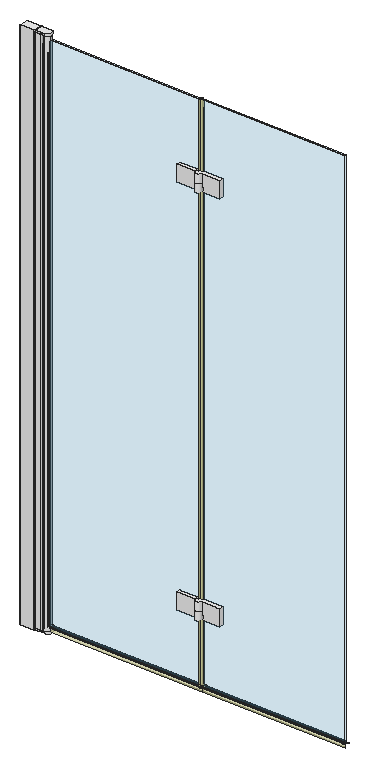
Revit family "SOLB2", category Plumbing Fixtures, Revit 2015
Parameters (values of type "900")
  Width fixed panel 2 = 0 mm
  Width fixed panel = 0 mm
  Seal = Seal
  Model = "SOLB2"
  Chrome = Chrome
  C = 398 mm
  B = 502 mm
  URL = "www.sanswiss.com"
  Type Comments = "SOLINO"
  Number of elements = 0
  Aluminum = Aluminum
  Manufacturer = "SanSwiss"
  H = 1500 mm
  Glass = Glass
  A = B + C  # 900 mm
Types (4, lengths in mm): name | C | B | A
  1200 | 548 | 652 | 1200
  1100 | 498 | 602 | 1100
  900 | 398 | 502 | 900
  1000 | 448 | 552 | 1000
Reference planes
  plane 1 "Center (Front/Back)": y = 0
  plane 2: z = 0
  plane 3 "Center (Left/Right)": x = 0
  plane 4: x = 900
  plane 5: z = 1500
  plane 6: x = 878.938
  plane 7 "ucięcie": z = 11.8
  plane 8: z = 1484
  plane 9: z = 4.446
  plane 10: z = 1495.447
  plane 11: z = 16.178
  plane 12: x = 502
Forms (mm)
  Extrusion 1, void, not visible
    sketch origin (0, 0, 0) x (1, 0, 0) y (0, 0, 1)
      loop
        line (47.1, 1799.5) -> (47.1, 1777.5) -> (65.984, 1777.5) -> (65.984, 1799.5) -> (47.1, 1799.5)
    from -49.545 to 25.251
  Extrusion 2, solid, material "Aluminum" <- "Aluminum", not visible
    sketch origin (0, 0, 1822.5) x (0, -1, 0) y (1, 0, 0)
      loop
        line (-1, 45.1) -> (-1, 57.085)
        arc (-1, 57.085) -> (-10, 66.085) -> (-19, 57.085) r 9
        line (-19, 57.085) -> (-19, 45.1) -> (-1, 45.1)
    from -45 to -23
  Extrusion 3, solid, material "Aluminum" <- "Aluminum", not visible
    sketch origin (0, 0, 1822.5) x (0, -1, 0) y (1, 0, 0)
      loop
        line (-1, 47.1) -> (-10, 47.1)
        arc (-10, 47.1) -> (-14.544, 48.192) -> (-18.095, 51.229) r 10
        arc (-18.095, 51.229) -> (-18.654, 51.411) -> (-19, 50.936) r 0.5
        line (-19, 50.936) -> (-19, 45.1) -> (-1, 45.1) -> (-1, 47.1)
    from -23 to 0
  Revolve 4, solid, material "Aluminum" <- "Aluminum", not visible
    sketch origin (0, 0, 1800) x (0, -1, 0) y (1, 0, 0)
      loop
        line (-21, 88.1) -> (-27.814, 88.1) -> (-27.814, 75.277) -> (-23.528, 79.564) -> (-21, 79.564) -> (-21, 88.1)
      axis (-21, 88.1) -> (-27.814, 88.1)
    angle from 0 to 360
  Revolve 5, solid, material "Aluminum" <- "Aluminum", not visible
    sketch origin (30, 0, 1800) x (0, -1, 0) y (1, 0, 0)
      loop
        line (-21, 88.1) -> (-27.814, 88.1) -> (-27.814, 75.277) -> (-23.528, 79.564) -> (-21, 79.564) -> (-21, 88.1)
      axis (-21, 88.1) -> (-27.814, 88.1)
    angle from 0 to 360
  Extrusion 6, solid, material "Glass" <- "Glass"
    sketch origin (0, 0, 1800) x (0, -1, 0) y (1, 0, 0)
      loop
        line (-27.5, 900) -> (-27.5, 502) -> (-21.5, 502) -> (-21.5, 900) -> (-27.5, 900)
    from -1787 to -316
  Extrusion 7, solid, material "Seal" <- "Seal"
    sketch origin (0, 0, 0) x (0, 1, 0) y (0, 0, 1)
      loop
        arc (27.285, 11) -> (31.51, 7.933) -> (36.432, 6.192) r 18.213
        arc (36.432, 6.192) -> (37.038, 6.597) -> (36.633, 7.203) r 0.515
        arc (36.633, 7.203) -> (32.421, 9.219) -> (29.012, 12.412) r 15.31
        line (29.012, 12.412) -> (28.432, 16.541)
        arc (28.432, 16.541) -> (27.808, 17.2) -> (26.902, 17.159) r 1.091
        line (26.902, 17.159) -> (27.045, 15.519) -> (27.5, 14.845) -> (27.872, 12.202) -> (21.183, 12.202) -> (21.545, 14.779) -> (21.934, 15.541) -> (22.157, 17.126)
        arc (22.157, 17.126) -> (21.08, 17.091) -> (20.509, 16.178) r 1.144
        line (20.509, 16.178) -> (19.994, 12.512)
        arc (19.994, 12.512) -> (20.437, 11.443) -> (21.506, 11) r 1.512
        line (21.506, 11) -> (23.459, 11) -> (24.035, 0) -> (25.05, 0) -> (25.434, 11) -> (27.285, 11)
    from 502 to 900
  Sweep 8, solid, material "Aluminum" <- "Aluminum"
    path origin (0, 0, 0) x (1, 0, 0) y (0, 0, 1)
      loop
        line (0, 1500) -> (0, 0)
    profile origin (0, 0, 750) x (0, -1, 0) y (1, 0, 0)
      loop
        arc (-38.263, 1.8) -> (-37.735, 0.527) -> (-36.463, 0) r 1.8
        line (-36.463, 0) -> (-13.263, 0)
        arc (-13.263, 0) -> (-11.995, 0.525) -> (-11.47, 1.792) r 1.792
        line (-11.47, 1.792) -> (-11.47, 38.242)
        arc (-11.47, 38.242) -> (-11.866, 39.197) -> (-12.82, 39.592) r 1.35
        line (-12.82, 39.592) -> (-36.859, 39.592)
        arc (-36.859, 39.592) -> (-37.852, 39.181) -> (-38.263, 38.189) r 1.403
        line (-38.263, 38.189) -> (-38.263, 1.8)
  Revolve 9, solid, material "Aluminum" <- "Aluminum"
    sketch origin (-9.312, 936.256, 1399.23) x (0, 1, 0) y (-1, 0, 0)
      loop
        line (-897.993, -39.145) -> (-892.092, -39.145)
        arc (-892.092, -39.145) -> (-892.298, -36.517) -> (-892.793, -33.929) r 23.774
        arc (-892.793, -33.929) -> (-893.497, -32.844) -> (-894.72, -32.423) r 1.986
        line (-894.72, -32.423) -> (-897.993, -32.423) -> (-897.993, -39.145)
      axis (-897.993, -39.145) -> (-892.092, -39.145)
    angle from 0 to 360
  Revolve 10, solid, material "Aluminum" <- "Aluminum"
    sketch origin (-9.312, 936.256, 750.61) x (0, 1, 0) y (-1, 0, 0)
      loop
        line (-897.993, -39.145) -> (-892.092, -39.145)
        arc (-892.092, -39.145) -> (-892.298, -36.517) -> (-892.793, -33.929) r 23.774
        arc (-892.793, -33.929) -> (-893.497, -32.844) -> (-894.72, -32.423) r 1.986
        line (-894.72, -32.423) -> (-897.993, -32.423) -> (-897.993, -39.145)
      axis (-897.993, -39.145) -> (-892.092, -39.145)
    angle from 0 to 360
  Revolve 11, solid, material "Aluminum" <- "Aluminum"
    sketch origin (-9.312, 936.256, 100.61) x (0, 1, 0) y (-1, 0, 0)
      loop
        line (-897.993, -39.145) -> (-892.092, -39.145)
        arc (-892.092, -39.145) -> (-892.298, -36.517) -> (-892.793, -33.929) r 23.774
        arc (-892.793, -33.929) -> (-893.497, -32.844) -> (-894.72, -32.423) r 1.986
        line (-894.72, -32.423) -> (-897.993, -32.423) -> (-897.993, -39.145)
      axis (-897.993, -39.145) -> (-892.092, -39.145)
    angle from 0 to 360
  Sweep 12, solid, material "Aluminum" <- "Aluminum"
    path origin (0, 0, 0) x (1, 0, 0) y (0, 0, 1)
      loop
        line (0, 4.446) -> (0, 1495.447)
    profile origin (0, 0, 749.947) x (-1, 0, 0) y (0, -1, 0)
      loop
        line (-39.592, -35.556) -> (-39.592, -14.168) -> (-57.512, -14.168)
        arc (-57.512, -14.168) -> (-59.231, -15.328) -> (-59.014, -17.391) r 2.014
        line (-59.014, -17.391) -> (-60.019, -17.391) -> (-61.202, -16.839) -> (-63.706, -17.058) -> (-62.709, -17.523)
        arc (-62.709, -17.523) -> (-59.615, -18.745) -> (-57.323, -21.156) r 7.716
        line (-57.323, -21.156) -> (-57.323, -28.491)
        arc (-57.323, -28.491) -> (-59.615, -30.902) -> (-62.709, -32.123) r 7.716
        line (-62.709, -32.123) -> (-63.706, -32.588) -> (-61.202, -32.807) -> (-59.802, -32.154) -> (-58.891, -32.154)
        arc (-58.891, -32.154) -> (-59.419, -34.301) -> (-57.599, -35.556) r 1.947
        line (-57.599, -35.556) -> (-39.592, -35.556)
  Sweep 13, solid, material "Chrome" <- "Chrome"
    path origin (0, 0, 0) x (1, 0, 0) y (0, 0, 1)
      loop
        line (0, 1500) -> (0, 1495.447)
    profile origin (0, 0, 1497.723) x (0, -1, 0) y (1, 0, 0)
      loop
        line (-14.163, 39.592) -> (-14.163, 66.995)
        arc (-14.163, 66.995) -> (-24.863, 77.695) -> (-35.563, 66.995) r 10.7
        line (-35.563, 66.995) -> (-35.563, 39.592) -> (-14.163, 39.592)
  Sweep 14, solid, material "Chrome" <- "Chrome"
    path origin (0, 0, -1995.554) x (1, 0, 0) y (0, 0, 1)
      loop
        line (0, 2000) -> (0, 1995.447)
    profile origin (0, 0, 2.17) x (0, -1, 0) y (1, 0, 0)
      loop
        line (-14.163, 39.592) -> (-14.163, 66.995)
        arc (-14.163, 66.995) -> (-24.863, 77.695) -> (-35.563, 66.995) r 10.7
        line (-35.563, 66.995) -> (-35.563, 39.592) -> (-14.163, 39.592)
  Sweep 15, solid, material "Aluminum" <- "Aluminum"
    path origin (0, 0, 0) x (1, 0, 0) y (0, 0, 1)
      loop
        line (0, 4.446) -> (0, 1495.447)
    profile origin (0, 0, 749.947) x (-1, 0, 0) y (0, -1, 0)
      loop
        circle (-66.933, -24.929) r 9.238
  Extrusion 16, solid, material "Glass" <- "Glass"
    sketch origin (-410, 0, 1800) x (0, -1, 0) y (1, 0, 0)
      loop
        line (-27.5, 908.5) -> (-27.5, 485.499) -> (-21.5, 485.499) -> (-21.5, 908.5) -> (-27.5, 908.5)
    from -1787 to -316
  Extrusion 17, solid, material "Seal" <- "Seal"
    sketch origin (0, 0, 0) x (0, 1, 0) y (0, 0, 1)
      loop
        arc (27.285, 11) -> (31.51, 7.933) -> (36.432, 6.192) r 18.213
        arc (36.432, 6.192) -> (37.038, 6.597) -> (36.633, 7.203) r 0.515
        arc (36.633, 7.203) -> (32.421, 9.219) -> (29.012, 12.412) r 15.31
        line (29.012, 12.412) -> (28.432, 16.541)
        arc (28.432, 16.541) -> (27.808, 17.2) -> (26.902, 17.159) r 1.091
        line (26.902, 17.159) -> (27.045, 15.519) -> (27.5, 14.845) -> (27.872, 12.202) -> (21.183, 12.202) -> (21.545, 14.779) -> (21.934, 15.541) -> (22.157, 17.126)
        arc (22.157, 17.126) -> (21.08, 17.091) -> (20.509, 16.178) r 1.144
        line (20.509, 16.178) -> (19.994, 12.512)
        arc (19.994, 12.512) -> (20.437, 11.443) -> (21.506, 11) r 1.512
        line (21.506, 11) -> (23.459, 11) -> (24.035, 0) -> (25.05, 0) -> (25.434, 11) -> (27.285, 11)
    from 75.499 to 502
  Sweep 18, solid, material "Seal" <- "Seal"
    path origin (0, 0, 0) x (1, 0, 0) y (0, 0, 1)
      loop
        line (502, 18) -> (502, 1484)
    profile origin (502, 0, 751) x (-1, 0, 0) y (0, -1, 0)
      loop
        line (6.942, -27.5) -> (6.154, -27.787) -> (3.607, -27.787) -> (3.607, -21.195) -> (6.216, -21.195) -> (7.054, -21.5) -> (8.588, -21.5) -> (8.588, -20.555)
        arc (8.588, -20.555) -> (8.406, -20.115) -> (7.966, -19.932) r 0.622
        line (7.966, -19.932) -> (4.017, -19.932)
        arc (4.017, -19.932) -> (3.528, -19.997) -> (3.072, -20.186) r 1.89
        arc (3.072, -20.186) -> (2.723, -19.979) -> (2.321, -19.932) r 0.97
        arc (2.321, -19.932) -> (-1.904, -21.667) -> (-3.4, -25.982) r 5.554
        line (-3.4, -25.982) -> (-3.129, -26.729) -> (-2.986, -25.946)
        arc (-2.986, -25.946) -> (-1.563, -21.894) -> (2.419, -20.284) r 5.213
        line (2.419, -20.284) -> (2.419, -27.653)
        arc (2.419, -27.653) -> (2.962, -28.653) -> (4.027, -29.052) r 1.625
        line (4.027, -29.052) -> (7.919, -29.052)
        arc (7.919, -29.052) -> (8.396, -28.809) -> (8.588, -28.309) r 0.747
        line (8.588, -28.309) -> (8.588, -27.5) -> (6.942, -27.5)
Dimensions and locks
  "H": plane 5 to level
  plane 4 to plane 6 = 21.062 mm
  "C": plane 12 to plane 4
  "B": plane 3 "Center (Left/Right)" to plane 12
  locked: plane 3 "Center (Left/Right)" to Extrusion 16 sketch curve at 75.499
  plane 3 "Center (Left/Right)" to plane 4 = 900 mm
  locked: Extrusion 16 sketch curve to plane 12 at 3.5
  locked: nested 1 to plane 12 at 1.353
  locked: nested 2 to plane 12 at 1.353
  locked: plane 10 to plane 8 at 11.447
  locked: plane 5 to plane 10 at 4.553
  aligned and locked: level to plane 2
  aligned and locked: plane 12 to Extrusion 6 sketch curve
  aligned and locked: Extrusion 17 to Extrusion 16
  aligned and locked: Extrusion 17 to Extrusion 6
  aligned and locked: Sweep 18 sketch curve to plane 12
  aligned and locked: plane 5 to Sweep 8 sketch curve
  aligned and locked: plane 10 to Sweep 12 sketch curve
  aligned and locked: plane 10 to Sweep 15 sketch curve
  aligned and locked: Extrusion 16 to plane 8
  aligned and locked: Extrusion 6 to plane 8
  aligned and locked: plane 4 to Extrusion 7
  aligned and locked: plane 4 to Extrusion 6
  aligned and locked: plane 12 to Extrusion 7
Automatic sketch dimensions
  Extrusion 1 sketch curve to Extrusion 1 sketch curve = 18.884 mm
  Extrusion 1 sketch curve to Extrusion 1 sketch curve = 22 mm
  Extrusion 2 sketch curve to Extrusion 2 sketch curve = 9 mm
  Extrusion 2 sketch curve to Extrusion 2 sketch curve = 11.985 mm
  Extrusion 3 sketch curve to Extrusion 3 sketch curve = 0.5 mm
  Extrusion 3 sketch curve to Extrusion 3 sketch curve = 2 mm
  Extrusion 3 sketch curve to Extrusion 3 sketch curve = 5.836 mm
  Extrusion 3 sketch curve to Extrusion 3 sketch curve = 10 mm
  Extrusion 3 sketch curve to Extrusion 3 sketch curve = 8.5 mm
  Extrusion 3 sketch curve to Extrusion 3 sketch curve = 9 mm
  Revolve 4 sketch curve to Revolve 4 sketch curve = 6.814 mm
  Revolve 4 sketch curve to Revolve 4 sketch curve = 0 mm  (x3)
  Revolve 5 sketch curve to Revolve 5 sketch curve = 6.814 mm
  Revolve 5 sketch curve to Revolve 5 sketch curve = 4.287 mm  (x2)
  Revolve 5 sketch curve to Revolve 5 sketch curve = 8.536 mm
  Revolve 5 sketch curve to Revolve 5 sketch curve = 0 mm  (x3)
  Revolve 4 sketch curve to Revolve 4 sketch curve = 4.287 mm  (x2)
  Revolve 4 sketch curve to Revolve 4 sketch curve = 8.536 mm
  Extrusion 6 sketch curve to plane 1 "Center (Front/Back)" = 27.5 mm
  Extrusion 6 sketch curve to Extrusion 6 sketch curve = 6 mm
  Sweep 8 sketch curve to level = 0 mm
  Sweep 8 sketch curve to plane 3 "Center (Left/Right)" = 0 mm
  Sweep 8 sketch curve to profile plane = 0 mm
  Sweep 8 sketch curve to profile plane = 1.8 mm
  Sweep 8 sketch curve to plane 1 "Center (Front/Back)" = 38.263 mm
  Sweep 8 sketch curve to Sweep 8 sketch curve = 1.403 mm
  Sweep 8 sketch curve to plane 1 "Center (Front/Back)" = 13.263 mm
  Sweep 8 sketch curve to plane 1 "Center (Front/Back)" = 12.82 mm
  Sweep 8 sketch curve to Sweep 8 sketch curve = 1.792 mm
  Sweep 8 sketch curve to Sweep 8 sketch curve = 36.389 mm
  Revolve 9 sketch curve to plane 1 "Center (Front/Back)" = 20.395 mm
  Revolve 9 sketch curve to Revolve 9 sketch curve = 17.867 mm
  Revolve 9 sketch curve to Revolve 9 sketch curve = 3.274 mm
  Revolve 9 sketch curve to Revolve 9 sketch curve = 2.627 mm
  plane 3 "Center (Left/Right)" to Revolve 9 sketch curve = 30.368 mm
  Revolve 9 sketch curve to Revolve 9 sketch curve = 0.535 mm
  Revolve 9 sketch curve to Revolve 9 sketch curve = 4.736 mm
  Revolve 9 sketch curve to Revolve 9 sketch curve = 1.986 mm
  Revolve 9 sketch curve to Revolve 9 sketch curve = 0 mm  (x2)
  Revolve 9 sketch curve to Revolve 9 sketch curve = 0.459 mm
  Revolve 10 sketch curve to plane 1 "Center (Front/Back)" = 20.395 mm
  Revolve 10 sketch curve to Revolve 10 sketch curve = 17.867 mm
  Revolve 10 sketch curve to Revolve 10 sketch curve = 3.274 mm
  Revolve 10 sketch curve to Revolve 10 sketch curve = 2.627 mm
  plane 3 "Center (Left/Right)" to Revolve 10 sketch curve = 30.368 mm
  Revolve 10 sketch curve to Revolve 10 sketch curve = 0.535 mm
  Revolve 10 sketch curve to Revolve 10 sketch curve = 4.736 mm
  Revolve 10 sketch curve to Revolve 10 sketch curve = 1.986 mm
  Revolve 10 sketch curve to Revolve 10 sketch curve = 0 mm  (x2)
  Revolve 10 sketch curve to Revolve 10 sketch curve = 0.459 mm
  Revolve 11 sketch curve to plane 1 "Center (Front/Back)" = 20.395 mm
  Revolve 11 sketch curve to Revolve 11 sketch curve = 17.867 mm
  Revolve 11 sketch curve to Revolve 11 sketch curve = 3.274 mm
  Revolve 11 sketch curve to Revolve 11 sketch curve = 2.627 mm
  plane 3 "Center (Left/Right)" to Revolve 11 sketch curve = 30.368 mm
  Revolve 11 sketch curve to Revolve 11 sketch curve = 0.535 mm
  Revolve 11 sketch curve to Revolve 11 sketch curve = 4.736 mm
  Revolve 11 sketch curve to Revolve 11 sketch curve = 1.986 mm
  Revolve 11 sketch curve to Revolve 11 sketch curve = 0 mm  (x2)
  Revolve 11 sketch curve to Revolve 11 sketch curve = 0.459 mm
  Sweep 12 sketch curve to plane 3 "Center (Left/Right)" = 0 mm
  Sweep 12 sketch curve to plane 9 = 0 mm
  Sweep 12 sketch curve to plane 1 "Center (Front/Back)" = 25.142 mm
  profile plane to Sweep 12 sketch curve = 63.93 mm
  Sweep 12 sketch curve to Sweep 12 sketch curve = 0 mm
  Sweep 12 sketch curve to plane 1 "Center (Front/Back)" = 17.058 mm
  Sweep 12 sketch curve to Sweep 12 sketch curve = 0.224 mm  (x2)
  Sweep 12 sketch curve to plane 1 "Center (Front/Back)" = 32.123 mm
  Sweep 12 sketch curve to Sweep 12 sketch curve = 0.997 mm  (x2)
  Sweep 12 sketch curve to plane 1 "Center (Front/Back)" = 17.523 mm
  Sweep 12 sketch curve to Sweep 12 sketch curve = 1.506 mm  (x2)
  Sweep 12 sketch curve to plane 1 "Center (Front/Back)" = 16.839 mm
  Sweep 12 sketch curve to Sweep 12 sketch curve = 1.184 mm
  Sweep 12 sketch curve to Sweep 12 sketch curve = 1.401 mm
  Sweep 12 sketch curve to Sweep 12 sketch curve = 1.004 mm
  Sweep 12 sketch curve to Sweep 12 sketch curve = 0.91 mm
  Sweep 12 sketch curve to Sweep 12 sketch curve = 1.292 mm
  Sweep 12 sketch curve to Sweep 12 sketch curve = 1.503 mm
  Sweep 12 sketch curve to Sweep 12 sketch curve = 0.106 mm
  Sweep 12 sketch curve to Sweep 12 sketch curve = 1.692 mm
  Sweep 12 sketch curve to Sweep 12 sketch curve = 17.919 mm
  Sweep 12 sketch curve to Sweep 12 sketch curve = 0.031 mm
  Sweep 12 sketch curve to Sweep 12 sketch curve = 0.465 mm
  Sweep 12 sketch curve to Sweep 12 sketch curve = 0.653 mm
  Sweep 12 sketch curve to Sweep 12 sketch curve = 1.456 mm
  Sweep 12 sketch curve to Sweep 12 sketch curve = 3.664 mm
  Sweep 12 sketch curve to Sweep 12 sketch curve = 0.552 mm
  Sweep 12 sketch curve to Sweep 12 sketch curve = 1.212 mm
  Sweep 13 sketch curve to plane 3 "Center (Left/Right)" = 0 mm
  Sweep 13 sketch curve to plane 10 = 0 mm
  Sweep 13 sketch curve to plane 5 = 0 mm
  Sweep 13 sketch curve to plane 1 "Center (Front/Back)" = 35.563 mm
  Sweep 13 sketch curve to Sweep 13 sketch curve = 10.7 mm
  Sweep 13 sketch curve to profile plane = 39.592 mm
  Sweep 13 sketch curve to Sweep 13 sketch curve = 27.403 mm
  Sweep 14 sketch curve to plane 3 "Center (Left/Right)" = 0 mm
  Sweep 14 sketch curve to plane 9 = 0 mm
  Sweep 14 sketch curve to level = 0.107 mm
  Sweep 14 sketch curve to plane 1 "Center (Front/Back)" = 35.563 mm
  Sweep 14 sketch curve to Sweep 14 sketch curve = 10.7 mm
  Sweep 14 sketch curve to profile plane = 39.592 mm
  Sweep 14 sketch curve to Sweep 14 sketch curve = 27.403 mm
  Sweep 15 sketch curve to plane 3 "Center (Left/Right)" = 0 mm
  Sweep 15 sketch curve to plane 9 = 0 mm
  Sweep 15 sketch curve to plane 1 "Center (Front/Back)" = 24.929 mm
  profile plane to Sweep 15 sketch curve = 66.933 mm
  Extrusion 16 sketch curve to plane 1 "Center (Front/Back)" = 27.5 mm
  Extrusion 16 sketch curve to Extrusion 16 sketch curve = 6 mm
  Sweep 18 sketch curve to plane 8 = 0 mm
  plane 11 to Sweep 18 sketch curve = 1.822 mm
  profile plane to Sweep 18 sketch curve = 3.4 mm
  Sweep 18 sketch curve to profile plane = 2.131 mm
  Sweep 18 sketch curve to Sweep 18 sketch curve = 0.077 mm
  Sweep 18 sketch curve to profile plane = 2.413 mm
  Sweep 18 sketch curve to Sweep 18 sketch curve = 0.211 mm
  Sweep 18 sketch curve to Sweep 18 sketch curve = 1.188 mm
  Sweep 18 sketch curve to Sweep 18 sketch curve = 0.41 mm
  Sweep 18 sketch curve to Sweep 18 sketch curve = 0.421 mm
  Sweep 18 sketch curve to Sweep 18 sketch curve = 2.127 mm
  Sweep 18 sketch curve to Sweep 18 sketch curve = 2.199 mm
  Sweep 18 sketch curve to Sweep 18 sketch curve = 0.788 mm
  Sweep 18 sketch curve to Sweep 18 sketch curve = 0.838 mm
  Sweep 18 sketch curve to Sweep 18 sketch curve = 0.899 mm
  Sweep 18 sketch curve to Sweep 18 sketch curve = 0.078 mm
  Sweep 18 sketch curve to Sweep 18 sketch curve = 0.911 mm
  Sweep 18 sketch curve to Sweep 18 sketch curve = 0.622 mm
  Sweep 18 sketch curve to Sweep 18 sketch curve = 0.747 mm
  Sweep 18 sketch curve to plane 1 "Center (Front/Back)" = 29.052 mm
  Sweep 18 sketch curve to Sweep 18 sketch curve = 0.522 mm
  Sweep 18 sketch curve to Sweep 18 sketch curve = 0.133 mm
  Sweep 18 sketch curve to Sweep 18 sketch curve = 0.809 mm
  Sweep 18 sketch curve to Sweep 18 sketch curve = 1.671 mm
  Sweep 18 sketch curve to Sweep 18 sketch curve = 2.16 mm
  Sweep 18 sketch curve to Sweep 18 sketch curve = 0.011 mm
  Sweep 18 sketch curve to Sweep 18 sketch curve = 3.671 mm
  Sweep 18 sketch curve to Sweep 18 sketch curve = 0.323 mm
  Sweep 18 sketch curve to Sweep 18 sketch curve = 0.627 mm
  Sweep 18 sketch curve to Sweep 18 sketch curve = 0.297 mm
  Sweep 18 sketch curve to Sweep 18 sketch curve = 0.945 mm
  Sweep 18 sketch curve to Sweep 18 sketch curve = 0.614 mm
  Sweep 18 sketch curve to Sweep 18 sketch curve = 0.272 mm
  Sweep 18 sketch curve to Sweep 18 sketch curve = 0.414 mm
  Sweep 18 sketch curve to Sweep 18 sketch curve = 0.098 mm
  Sweep 18 sketch curve to Sweep 18 sketch curve = 0.746 mm
  plane 6 to Extrusion 6 sketch curve = 21.062 mm
  Extrusion 7 sketch curve to plane 11 = 0 mm
  Extrusion 7 sketch curve to level = 0 mm
  plane 7 "ucięcie" to Extrusion 7 sketch curve = 0.712 mm
  Extrusion 7 sketch curve to plane 1 "Center (Front/Back)" = 19.994 mm
  Extrusion 7 sketch curve to Extrusion 7 sketch curve = 0.515 mm
  plane 7 "ucięcie" to Extrusion 7 sketch curve = 0.402 mm
  Extrusion 7 sketch curve to Extrusion 7 sketch curve = 1.189 mm
  Extrusion 7 sketch curve to Extrusion 7 sketch curve = 0.323 mm
  Extrusion 7 sketch curve to plane 11 = 1.399 mm
  Extrusion 7 sketch curve to Extrusion 7 sketch curve = 1.036 mm
  Extrusion 7 sketch curve to plane 11 = 0.079 mm
  Extrusion 7 sketch curve to Extrusion 7 sketch curve = 1.142 mm
  Extrusion 7 sketch curve to plane 11 = 0.637 mm
  Extrusion 7 sketch curve to Extrusion 7 sketch curve = 0.283 mm
  plane 11 to Extrusion 7 sketch curve = 0.948 mm
  Extrusion 7 sketch curve to Extrusion 7 sketch curve = 1.953 mm
  Extrusion 7 sketch curve to Extrusion 7 sketch curve = 0.576 mm
  Extrusion 7 sketch curve to Extrusion 7 sketch curve = 1.015 mm
  Extrusion 7 sketch curve to plane 7 "ucięcie" = 0.8 mm
  Extrusion 7 sketch curve to Extrusion 7 sketch curve = 1.976 mm
  plane 11 to Extrusion 7 sketch curve = 0.981 mm
  Extrusion 7 sketch curve to Extrusion 7 sketch curve = 4.745 mm
  Extrusion 7 sketch curve to plane 11 = 0.659 mm
  Extrusion 7 sketch curve to Extrusion 7 sketch curve = 0.143 mm
  plane 11 to Extrusion 7 sketch curve = 0.011 mm
  Extrusion 7 sketch curve to Extrusion 7 sketch curve = 0.354 mm
  Extrusion 7 sketch curve to plane 11 = 1.333 mm
  Extrusion 7 sketch curve to Extrusion 7 sketch curve = 0.455 mm
  Extrusion 7 sketch curve to Extrusion 7 sketch curve = 0.372 mm
  plane 11 to Extrusion 7 sketch curve = 0.363 mm
  plane 7 "ucięcie" to Extrusion 7 sketch curve = 0.612 mm
  Extrusion 7 sketch curve to Extrusion 7 sketch curve = 1.141 mm
  Extrusion 7 sketch curve to plane 9 = 2.251 mm
  Extrusion 7 sketch curve to Extrusion 7 sketch curve = 7.52 mm
  Extrusion 7 sketch curve to Extrusion 7 sketch curve = 1.076 mm
  plane 11 to Extrusion 7 sketch curve = 5.681 mm
  Extrusion 7 sketch curve to Extrusion 7 sketch curve = 2.196 mm
  Extrusion 7 sketch curve to Extrusion 7 sketch curve = 0.587 mm
  Extrusion 7 sketch curve to Extrusion 7 sketch curve = 0.101 mm
  Extrusion 7 sketch curve to Extrusion 7 sketch curve = 0 mm
  Extrusion 17 sketch curve to plane 11 = 0 mm
  Extrusion 17 sketch curve to level = 0 mm
  plane 7 "ucięcie" to Extrusion 17 sketch curve = 0.712 mm
  Extrusion 17 sketch curve to plane 1 "Center (Front/Back)" = 19.994 mm
  Extrusion 17 sketch curve to Extrusion 17 sketch curve = 0.515 mm
  plane 7 "ucięcie" to Extrusion 17 sketch curve = 0.402 mm
  Extrusion 17 sketch curve to Extrusion 17 sketch curve = 1.189 mm
  Extrusion 17 sketch curve to Extrusion 17 sketch curve = 0.323 mm
  Extrusion 17 sketch curve to plane 11 = 1.399 mm
  Extrusion 17 sketch curve to Extrusion 17 sketch curve = 1.036 mm
  Extrusion 17 sketch curve to plane 11 = 0.079 mm
  Extrusion 17 sketch curve to Extrusion 17 sketch curve = 1.142 mm
  Extrusion 17 sketch curve to plane 11 = 0.637 mm
  Extrusion 17 sketch curve to Extrusion 17 sketch curve = 0.283 mm
  plane 11 to Extrusion 17 sketch curve = 0.948 mm
  Extrusion 17 sketch curve to Extrusion 17 sketch curve = 1.953 mm
  Extrusion 17 sketch curve to Extrusion 17 sketch curve = 0.576 mm
  Extrusion 17 sketch curve to Extrusion 17 sketch curve = 1.015 mm
  Extrusion 17 sketch curve to plane 7 "ucięcie" = 0.8 mm
  Extrusion 17 sketch curve to Extrusion 17 sketch curve = 1.976 mm
  plane 11 to Extrusion 17 sketch curve = 0.981 mm
  Extrusion 17 sketch curve to Extrusion 17 sketch curve = 4.745 mm
  Extrusion 17 sketch curve to plane 11 = 0.659 mm
  Extrusion 17 sketch curve to Extrusion 17 sketch curve = 0.143 mm
  Extrusion 17 sketch curve to Extrusion 17 sketch curve = 1.85 mm
  plane 11 to Extrusion 17 sketch curve = 0.011 mm
  Extrusion 17 sketch curve to Extrusion 17 sketch curve = 0.354 mm
  Extrusion 17 sketch curve to plane 11 = 1.333 mm
  Extrusion 17 sketch curve to Extrusion 17 sketch curve = 0.455 mm
  Extrusion 17 sketch curve to Extrusion 17 sketch curve = 0.587 mm
  plane 11 to Extrusion 17 sketch curve = 0.363 mm
  plane 7 "ucięcie" to Extrusion 17 sketch curve = 0.612 mm
  Extrusion 17 sketch curve to Extrusion 17 sketch curve = 1.141 mm
  Extrusion 17 sketch curve to plane 9 = 2.251 mm
  Extrusion 17 sketch curve to Extrusion 17 sketch curve = 7.52 mm
  Extrusion 17 sketch curve to Extrusion 17 sketch curve = 11.552 mm
  Extrusion 17 sketch curve to Extrusion 17 sketch curve = 1.076 mm
  plane 11 to Extrusion 17 sketch curve = 5.681 mm
  Extrusion 17 sketch curve to Extrusion 17 sketch curve = 2.196 mm
  Extrusion 17 sketch curve to Extrusion 17 sketch curve = 0 mm
  radius of Sweep 15 sketch curve = 9.238 mm
Nested families
  nested 1: "hinge SOLINO" at (500.647, 21.432, -550.538), type "hinge SOLINO"
  nested 2: "hinge SOLINO" at (500.647, 21.432, -1621.538), type "hinge SOLINO"
Definition of nested family "hinge SOLINO"
  Parameters (values of type "hinge SOLINO")
    Chrome = none
  Reference planes
    plane 1 "Center (Front/Back)": y = 0
    plane 2: z = 0
    plane 3 "Center (Left/Right)": x = 0
  Forms (mm)
    Extrusion 1, void
      sketch origin (-57.091, -21, 35) x (1, 0, 0) y (0, 0, 1)
        loop
          line (46.392, 1800.897) -> (46.392, 1777.5) -> (66.812, 1777.5) -> (66.812, 1800.897) -> (46.392, 1800.897)
      from -49.545 to 25.251
    Revolve 2, solid, material <- "Chrome"
      sketch origin (-53.292, -21, 1834.938) x (0, -1, 0) y (1, 0, 0)
        loop
          line (-21, 88.1) -> (-27.814, 88.1) -> (-27.814, 75.277) -> (-23.528, 79.564) -> (-21, 79.564) -> (-21, 88.1)
        axis (-21, 88.1) -> (-27.814, 88.1)
      angle from 0 to 360
    Sweep 3, solid, material <- "Chrome"
      path origin (0, 0, 0) x (1, 0, 0) y (0, 0, 1)
        loop
          line (0, 1857.896) -> (0, 1812.713)
      profile origin (0, 0, 1835.305) x (0, -1, 0) y (1, 0, 0)
        loop
          line (11.8, 59.752) -> (1, 59.752) -> (1, 57.752) -> (0, 57.752) -> (0, 11.753) -> (1, 11.753) -> (1, 9.721) -> (3, 9.721) -> (3, 0)
          arc (3, 0) -> (18.179, -6.791) -> (12.464, 8.825) r 9.026
          arc (12.464, 8.825) -> (11.961, 9.147) -> (11.8, 9.721) r 0.838
          line (11.8, 9.721) -> (11.8, 59.752)
    Sweep 4, solid, material <- "Chrome"
      path origin (0, 0, 0) x (1, 0, 0) y (0, 0, 1)
        loop
          line (0, 1812.713) -> (0, 1857.232)
      profile origin (0, 0, 1834.973) x (-1, 0, 0) y (0, -1, 0)
        loop
          arc (10.111, 11.8) -> (9.469, 12.066) -> (9.203, 12.707) r 0.908
          arc (9.203, 12.707) -> (-6.289, 18.178) -> (0, 3) r 8.994
          line (0, 3) -> (10.246, 3) -> (10.246, 1) -> (12.246, 1) -> (12.246, 0) -> (58.245, 0) -> (58.245, 1) -> (60.245, 1) -> (60.245, 11.8) -> (10.111, 11.8)
    Extrusion 5, void
      sketch origin (-57.091, -21, 57) x (1, 0, 0) y (0, 0, 1)
        loop
          line (46.392, 1800.897) -> (46.392, 1777.5) -> (66.812, 1777.5) -> (66.812, 1800.897) -> (46.392, 1800.897)
      from -49.545 to 25.251
    Revolve 6, solid, material <- "Chrome"
      sketch origin (-123.292, -21, 1834.938) x (0, -1, 0) y (1, 0, 0)
        loop
          line (-21, 88.1) -> (-27.814, 88.1) -> (-27.814, 75.277) -> (-23.528, 79.564) -> (-21, 79.564) -> (-21, 88.1)
        axis (-21, 88.1) -> (-27.814, 88.1)
      angle from 0 to 360
  Cuts and joins
    Extrusion 1 cuts Sweep 3
    Extrusion 5 cuts Sweep 4
  Dimensions and locks
    aligned and locked: level to plane 2
